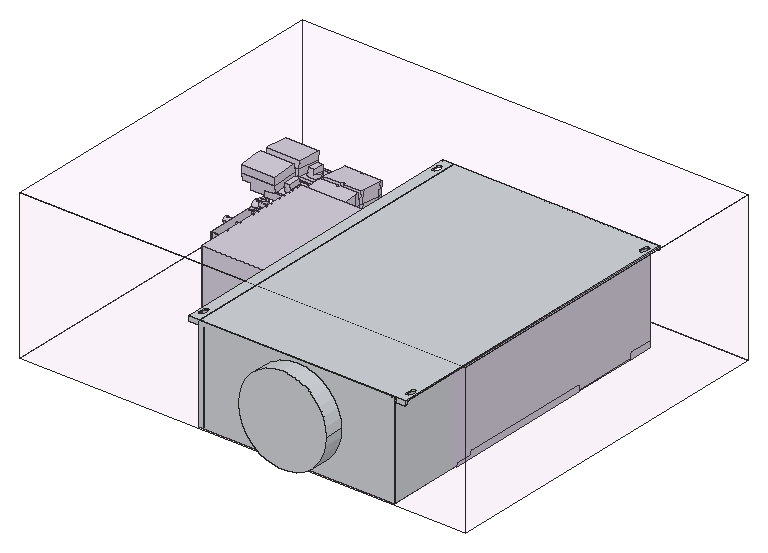
Revit family "04 - MAT270 - 250 DIS - Belimo ePIV Valves (With Bypass)", category Mechanical Equipment, host Ceiling, Revit 2018 (continued)
Automatic sketch dimensions
  Extrusion 26 sketch curve to Extrusion 26 sketch curve = 5.00 mm
  plane 7 "FCU Left Side" to Extrusion 27 sketch curve = 5.00 mm
  plane 7 "FCU Left Side" to Extrusion 28 sketch curve = 5.00 mm
  Extrusion 30 sketch curve to Extrusion 29 = 14.00 mm  (x4)
  Extrusion 30 sketch curve to Extrusion 29 = 35.00 mm  (x2)
  Extrusion 30 sketch curve to Extrusion 30 sketch curve = 40.00 mm  (x2)
  Extrusion 34 to Extrusion 35 sketch curve = 88.50 mm
  Extrusion 37 sketch curve to Extrusion 36 = 14.00 mm  (x4)
  Extrusion 37 sketch curve to Extrusion 36 = 35.00 mm  (x2)
  Extrusion 37 sketch curve to Extrusion 37 sketch curve = 40.00 mm  (x2)
  Extrusion 39 sketch curve to Extrusion 39 sketch curve = 0.00 mm  (x8)
  Extrusion 39 sketch curve to Extrusion 38 = 14.00 mm  (x8)
  Extrusion 40 sketch curve to Extrusion 40 sketch curve = 24.80 mm
  Extrusion 43 sketch curve to Extrusion 43 sketch curve = 0.00 mm  (x2)
  Extrusion 44 sketch curve to Extrusion 44 sketch curve = 0.00 mm  (x2)
  Extrusion 47 sketch curve to Extrusion 46 = 5.00 mm
  Extrusion 47 sketch curve to Extrusion 47 sketch curve = 5.00 mm
  Extrusion 48 sketch curve to Extrusion 48 sketch curve = 5.00 mm
  Extrusion 47 to Extrusion 48 sketch curve = 5.00 mm
  Extrusion 50 sketch curve to Extrusion 49 = 5.00 mm
  Extrusion 50 sketch curve to Extrusion 50 sketch curve = 5.00 mm
  Extrusion 51 sketch curve to Extrusion 51 sketch curve = 5.00 mm  (x2)
  radius of Extrusion 30 sketch curve = 7.50 mm  (x4)
  radius of Extrusion 32 sketch curve to Extrusion 30 = 0.00 mm  (x4)
  radius of Extrusion 32 sketch curve to Extrusion 30 = 1.00 mm  (x4)
  radius of Extrusion 37 sketch curve = 7.50 mm  (x4)
  radius of Extrusion 39 sketch curve = 7.50 mm  (x4)
  radius of Extrusion 39 sketch curve = 6.50 mm  (x4)
  radius of Extrusion 58 sketch curve = 7.95 mm  (x3)
  radius of Extrusion 58 sketch curve = 10.50 mm
  radius of Extrusion 59 sketch curve = 7.95 mm  (x3)
  radius of Extrusion 59 sketch curve = 10.50 mm
Nested families
  nested 1: "Circular Spigot" at (0, -450, 3715), visible <- "DS_1", type "250 Dia - Front Spigot"
  nested 2: "Circular Spigot" at (555, -450, 3715), visible <- "DS_2", type "250 Dia - Front Spigot"
  nested 3: "Circular Spigot" at (1110, -450, 3715), visible <- "DS_3", type "250 Dia - Front Spigot"
  nested 4: "Circular Spigot" at (1665, -450, 3715), visible <- "DS_4", type "250 Dia - Front Spigot"
  nested 5: "Circular Spigot" at (2220, -450, 3715), visible <- "DS_5", type "250 Dia - Front Spigot"
  nested 6: "Circular Spigot" at (279.2, -318, 3715) x (0, 1, 0) z (0, 0, 1), visible <- "DS_B", type "250 Dia - Side Spigot"
  nested 7: "Circular Spigot" at (-279.2, -318, 3715) x (0, -1, 0) z (0, 0, 1), visible <- "DS_A", type "250 Dia - Side Spigot"
  nested 8: "ePIV Valve Assembly (With Bypass)" at (388, 255.5, 3650) x (0, 1, 0) z (0, 0, 1), visible <- "RH Components Visible", type "ePIV Valve Assembly (With Bypass)"
  nested 9: "ePIV Valve Assembly (With Bypass)" at (-388, 321.5, 3650) x (0, -1, 0) z (0, 0, 1), visible <- "LH Components Visible", type "ePIV Valve Assembly (With Bypass)"
Connectors
  piping at (794, 288.5, 3600.2), diameter 15, driven by "Condensate Drain Connection Size"
    settings: on Extrusion 44, index 1, connector inside diameter 609.6 mm, connector length 0.00 mm, flow factor 0, pipe flow 0.0 L/s, pressure drop 0.0 Pa, fitting loss kfactor 0, connector angle 0.00°, fixture units 0, engagement length 0.00 mm, angle of deflection 0.00°, flow configuration 0, flow direction 2, fitting loss method 0, system type 16, joint type 0, gender type 0, connector reference index -1, connector utility 0, adjustable connector yes, is connector primary yes, connector description "Condensate Drain"
  piping at (-794, 288.5, 3600.2), diameter 15, driven by "Drain Connection Size"
    settings: on Extrusion 43, index 10, connector inside diameter 609.6 mm, connector length 0.00 mm, flow factor 0, pipe flow 0.0 L/s, pressure drop 0.0 Pa, fitting loss kfactor 0, connector angle 0.00°, fixture units 0, engagement length 0.00 mm, angle of deflection 0.00°, flow configuration 0, flow direction 2, fitting loss method 0, system type 16, joint type 0, gender type 0, connector reference index -1, connector utility 0, adjustable connector yes, is connector primary no, connector description "Condensate Drain"
  hvac at (0, 450, 3715.5), driven by "Intake Height", driven by "Intake Width"
    settings: on Extrusion 45, index 11, duct flow 0.0 L/s, flow factor 0, pres drop 0.0 Pa, loss coef 0, conn angle 0.00°, conn width 530 mm, conn height 240 mm, conn diameter 609.6 mm, duct sys type 2, conn prof type 1, flow config 0, flow direction 1, loss method 0, conn ref index -1, conn util no, is conn primary yes, conn desc ""
  hvac at (-359.2, -318, 3715)
    settings: on nested 7, index 12, duct flow 0.0 L/s, flow factor 0, pres drop 0.0 Pa, loss coef 0, conn angle 0.00°, conn width 304.8 mm, conn height 304.8 mm, conn diameter 250 mm, duct sys type 1, conn prof type 0, flow config 0, flow direction 2, loss method 0, conn ref index -1, conn util no, is conn primary no, conn desc "Discharge Spigot A"
  hvac at (359.2, -318, 3715)
    settings: on nested 6, index 13, duct flow 0.0 L/s, flow factor 0, pres drop 0.0 Pa, loss coef 0, conn angle 0.00°, conn width 304.8 mm, conn height 304.8 mm, conn diameter 250 mm, duct sys type 1, conn prof type 0, flow config 0, flow direction 2, loss method 0, conn ref index -1, conn util no, is conn primary no, conn desc "Discharge Spigot B"
  hvac at (0, -500, 3715)
    settings: on nested 1, index 14, duct flow 0.0 L/s, flow factor 0, pres drop 0.0 Pa, loss coef 0, conn angle 0.00°, conn width 304.8 mm, conn height 304.8 mm, conn diameter 250 mm, duct sys type 1, conn prof type 0, flow config 0, flow direction 2, loss method 0, conn ref index -1, conn util no, is conn primary no, conn desc "Discharge Spigot 1"
  hvac at (555, -500, 3715)
    settings: on nested 2, index 15, duct flow 0.0 L/s, flow factor 0, pres drop 0.0 Pa, loss coef 0, conn angle 0.00°, conn width 304.8 mm, conn height 304.8 mm, conn diameter 250 mm, duct sys type 1, conn prof type 0, flow config 0, flow direction 2, loss method 0, conn ref index -1, conn util no, is conn primary no, conn desc "Discharge Spigot 2"
  hvac at (1110, -500, 3715)
    settings: on nested 3, index 16, duct flow 0.0 L/s, flow factor 0, pres drop 0.0 Pa, loss coef 0, conn angle 0.00°, conn width 304.8 mm, conn height 304.8 mm, conn diameter 250 mm, duct sys type 1, conn prof type 0, flow config 0, flow direction 2, loss method 0, conn ref index -1, conn util no, is conn primary no, conn desc "Discharge Spigot 3"
  hvac at (1665, -500, 3715)
    settings: on nested 4, index 17, duct flow 0.0 L/s, flow factor 0, pres drop 0.0 Pa, loss coef 0, conn angle 0.00°, conn width 304.8 mm, conn height 304.8 mm, conn diameter 250 mm, duct sys type 1, conn prof type 0, flow config 0, flow direction 2, loss method 0, conn ref index -1, conn util no, is conn primary no, conn desc "Discharge Spigot 4"
  hvac at (2220, -500, 3715)
    settings: on nested 5, index 18, duct flow 0.0 L/s, flow factor 0, pres drop 0.0 Pa, loss coef 0, conn angle 0.00°, conn width 304.8 mm, conn height 304.8 mm, conn diameter 250 mm, duct sys type 1, conn prof type 0, flow config 0, flow direction 2, loss method 0, conn ref index -1, conn util no, is conn primary no, conn desc "Discharge Spigot 5"
  electrical at (314.2, -84, 3631.2)
    settings: on cut or joined group of Extrusion 46, Extrusion 59, index 19, voltage 230 V, apparent load 0 VA, apparent load phase1 0 VA, apparent load phase2 0 VA, apparent load phase3 0 VA, power factor 1, load classification "HVAC", number of poles 1, system type 31, power factor state 1, is connector primary yes, connector utility no, sub classification motor no, connector description "FCU Electrical Supply"
  electrical at (-314.2, 94, 3631.2)
    settings: on cut or joined group of Extrusion 49, Extrusion 58, index 20, voltage 230 V, apparent load 0 VA, apparent load phase1 0 VA, apparent load phase2 0 VA, apparent load phase3 0 VA, power factor 1, load classification "HVAC", number of poles 1, system type 31, power factor state 1, is connector primary no, connector utility no, sub classification motor no, connector description "FCU Electrical Supply"
  piping at (683, 321.5, 3690), diameter 27
    settings: on nested 8, index 21, connector inside diameter 609.6 mm, connector length 0.00 mm, flow factor 0, pipe flow 0.0 L/s, pressure drop 0.0 Pa, fitting loss kfactor 0, connector angle 0.00°, fixture units 0, engagement length 0.00 mm, angle of deflection 0.00°, flow configuration 0, flow direction 2, fitting loss method 4, system type 8, joint type 0, gender type 0, connector reference index -1, connector utility 0, adjustable connector no, is connector primary no, connector description "HTG Return"
  piping at (683, 321.5, 3650), diameter 27
    settings: on nested 8, index 22, connector inside diameter 609.6 mm, connector length 0.00 mm, flow factor 0, pipe flow 0.0 L/s, pressure drop 0.0 Pa, fitting loss kfactor 0, connector angle 0.00°, fixture units 0, engagement length 0.00 mm, angle of deflection 0.00°, flow configuration 0, flow direction 1, fitting loss method 4, system type 7, joint type 0, gender type 0, connector reference index -1, connector utility 0, adjustable connector no, is connector primary no, connector description "HTG Flow"
  piping at (683, 255.5, 3690), diameter 27
    settings: on nested 8, index 23, connector inside diameter 609.6 mm, connector length 0.00 mm, flow factor 0, pipe flow 0.0 L/s, pressure drop 0.0 Pa, fitting loss kfactor 0, connector angle 0.00°, fixture units 0, engagement length 0.00 mm, angle of deflection 0.00°, flow configuration 0, flow direction 2, fitting loss method 4, system type 8, joint type 0, gender type 0, connector reference index -1, connector utility 0, adjustable connector no, is connector primary no, connector description "CLG Return"
  piping at (683, 255.5, 3650), diameter 27
    settings: on nested 8, index 24, connector inside diameter 609.6 mm, connector length 0.00 mm, flow factor 0, pipe flow 0.0 L/s, pressure drop 0.0 Pa, fitting loss kfactor 0, connector angle 0.00°, fixture units 0, engagement length 0.00 mm, angle of deflection 0.00°, flow configuration 0, flow direction 1, fitting loss method 4, system type 7, joint type 0, gender type 0, connector reference index -1, connector utility 0, adjustable connector no, is connector primary no, connector description "CLG Flow"
  piping at (-683, 321.5, 3690), diameter 27
    settings: on nested 9, index 25, connector inside diameter 609.6 mm, connector length 0.00 mm, flow factor 0, pipe flow 0.0 L/s, pressure drop 0.0 Pa, fitting loss kfactor 0, connector angle 0.00°, fixture units 0, engagement length 0.00 mm, angle of deflection 0.00°, flow configuration 0, flow direction 2, fitting loss method 4, system type 8, joint type 0, gender type 0, connector reference index -1, connector utility 0, adjustable connector no, is connector primary no, connector description "CLG Return"
  piping at (-683, 321.5, 3650), diameter 27
    settings: on nested 9, index 26, connector inside diameter 609.6 mm, connector length 0.00 mm, flow factor 0, pipe flow 0.0 L/s, pressure drop 0.0 Pa, fitting loss kfactor 0, connector angle 0.00°, fixture units 0, engagement length 0.00 mm, angle of deflection 0.00°, flow configuration 0, flow direction 1, fitting loss method 4, system type 7, joint type 0, gender type 0, connector reference index -1, connector utility 0, adjustable connector no, is connector primary no, connector description "CLG Flow"
  piping at (-683, 255.5, 3690), diameter 27
    settings: on nested 9, index 27, connector inside diameter 609.6 mm, connector length 0.00 mm, flow factor 0, pipe flow 0.0 L/s, pressure drop 0.0 Pa, fitting loss kfactor 0, connector angle 0.00°, fixture units 0, engagement length 0.00 mm, angle of deflection 0.00°, flow configuration 0, flow direction 2, fitting loss method 4, system type 8, joint type 0, gender type 0, connector reference index -1, connector utility 0, adjustable connector no, is connector primary no, connector description "HTG Return"
  piping at (-683, 255.5, 3650), diameter 27
    settings: on nested 9, index 28, connector inside diameter 609.6 mm, connector length 0.00 mm, flow factor 0, pipe flow 0.0 L/s, pressure drop 0.0 Pa, fitting loss kfactor 0, connector angle 0.00°, fixture units 0, engagement length 0.00 mm, angle of deflection 0.00°, flow configuration 0, flow direction 1, fitting loss method 4, system type 7, joint type 0, gender type 0, connector reference index -1, connector utility 0, adjustable connector no, is connector primary no, connector description "HTG Flow"
Definition of nested family "Circular Spigot"
  Parameters (values of type "250 Dia - Front Spigot")
    Spigot Size = 250.00 mm
    Spigot Depth = 50.00 mm
  Types (2, lengths in mm): name | Spigot Depth
    250 Dia - Side Spigot | 80.00
    250 Dia - Front Spigot | 50.00
  Reference planes
    plane 1 "Center (Front/Back)": y = 0
    plane 2: z = 0
    plane 3 "Center (Left/Right)": x = 0
  Forms (mm)
    Extrusion 1, solid
      sketch origin (0, 0, 0) x (1, 0, 0) y (0, 0, 1)
        loop
          circle (0, 0) r 125
      from 0 to 50 <- "Spigot Depth"
  Dimensions and locks
    "Spigot Size": diameter of Extrusion 1 sketch curve
    aligned and locked: level to plane 2
  Automatic sketch dimensions
    Extrusion 1 sketch curve to level = 0.00 mm
    Extrusion 1 sketch curve to plane 3 "Center (Left/Right)" = 0.00 mm
Definition of nested family "ePIV Valve Assembly (With Bypass)"
  Reference planes
    plane 1 "Center (Front/Back)": y = 0
    plane 2: z = 0
    plane 3 "Center (Left/Right)": x = 0
    plane 4: x = 66
    plane 5: z = 40
    plane 6: y = -295
  Forms (mm)
    Extrusion 1, solid
      sketch origin (0, 0, 0) x (1, 0, 0) y (0, 0, 1)
        loop
          circle (0, 0) r 7.5
        loop
          circle (66, 0) r 7.5
        loop
          circle (0, 40) r 7.5
        loop
          circle (66, 40) r 7.5
      from 0 to 240
    Extrusion 2, solid
      sketch origin (0, 0, 0) x (-1, 0, 0) y (0, 0, 1)
        loop
          circle (0, 40) r 7.5
        loop
          circle (0, 0) r 7.5
        loop
          circle (-66, 0) r 7.5
        loop
          circle (-66, 40) r 7.5
        loop
          circle (-66, 40) r 8.5
        loop
          circle (0, 40) r 8.5
        loop
          circle (0, 0) r 8.5
        loop
          circle (-66, 0) r 8.5
      from 0 to 15
    Extrusion 3, solid
      sketch origin (0, -240, 0) x (1, 0, 0) y (0, 0, 1)
        loop
          line (8.256, 14.3) -> (-8.256, 14.3) -> (-16.512, 0) -> (-8.256, -14.3) -> (8.256, -14.3) -> (16.512, 0) -> (8.256, 14.3)
        loop
          line (80.3, 8.256) -> (66, 16.512) -> (51.7, 8.256) -> (51.7, -8.256) -> (66, -16.512) -> (80.3, -8.256) -> (80.3, 8.256)
        loop
          line (74.256, 54.3) -> (57.744, 54.3) -> (49.488, 40) -> (57.744, 25.7) -> (74.256, 25.7) -> (82.512, 40) -> (74.256, 54.3)
        loop
          line (14.3, 48.256) -> (0, 56.512) -> (-14.3, 48.256) -> (-14.3, 31.744) -> (0, 23.488) -> (14.3, 31.744) -> (14.3, 48.256)
      from 0 to -20
    Extrusion 4, void
      sketch origin (0, -240, 0) x (-1, 0, 0) y (0, 0, 1)
        loop
          circle (0, 0) r 9.25
        loop
          circle (0, 40) r 9.25
        loop
          circle (-66, 40) r 9.25
        loop
          circle (-66, 0) r 9.25
      from 0 to 15
  Cuts and joins
    Extrusion 4 cuts Extrusion 1
    Extrusion 4 cuts Extrusion 2
    Extrusion 4 cuts Extrusion 3
    joined: Extrusion 1, Extrusion 2, Extrusion 3
  Dimensions and locks
    locked: level to Extrusion 1 sketch curve at 40
    Extrusion 1 sketch curve to plane 3 "Center (Left/Right)" = 66.00 mm  (x2)
    level to Extrusion 1 sketch curve = 40.00 mm
    locked: plane 5 to level at 40
    locked: plane 4 to plane 3 "Center (Left/Right)" at 66
    locked: plane 1 "Center (Front/Back)" to plane 6 at 295
    aligned and locked: level to plane 2
    aligned and locked: Extrusion 2 sketch curve to Extrusion 1  (x8)
    aligned and locked: nested 1 to cut or joined group of Extrusion 1, Extrusion 2, Extrusion 3, Extrusion 4
    aligned and locked: nested 2 to cut or joined group of Extrusion 1, Extrusion 2, Extrusion 3, Extrusion 4
    aligned and locked: plane 6 to nested 3
    aligned and locked: plane 3 "Center (Left/Right)" to nested 3
    aligned and locked: nested 3 to plane 5
  Nested families
    nested 1: "ePIV Valve" at (0, -205, 40) x (0, -1, 0) z (-0.0872, 0, 0.9962), type "ePIV Valve"
    nested 2: "ePIV Valve" at (66, -205, 40) x (0, -1, 0) z (0.0872, 0, 0.9962), type "ePIV Valve"
    nested 3: "FlowCon Bypass" at (66, -270, 0), type "FlowCon Bypass"
  Definition of nested family "ePIV Valve"
    Reference planes
      plane 1 "Center (Front/Back)": y = 0
      plane 2: z = 0
      plane 3 "Center (Left/Right)": x = 0
      plane 4 "Flow_Meter_Base": z = 23.5
      plane 5: x = -152.5
      plane 6: x = -100
      plane 7: x = -18
    Forms (mm)
      Revolve 1, solid
        sketch origin (0, 0, 0) x (1, 0, 0) y (0, 0, 1)
          loop
            line (0, 0) -> (0, 16.5) -> (-10, 16.5) -> (-10, 15) -> (-30, 15) -> (-30, 12.25) -> (-35, 12.25) -> (-35, 10.25) -> (-73, 10.25) -> (-73, 11.25) -> (-110, 11.25) -> (-110, 8.25) -> (-140, 8.25) -> (-140, 11.25) -> (-155, 11.25) -> (-155, 0) -> (0, 0)
          axis (0, 0) -> (-155, 0)
        angle from 0 to 360
      Extrusion 2, solid
        sketch origin (0, 0, 0) x (0, 1, 0) y (0, 0, 1)
          loop
            circle (0, 0) r 16.5
        from 0 to 3
      Extrusion 3, solid
        sketch origin (3, 0, 0) x (0, 1, 0) y (0, 0, 1)
          loop
            line (3.706, 13.83) -> (-10.125, 10.125) -> (-13.83, -3.706) -> (-3.706, -13.83) -> (10.125, -10.125) -> (13.83, 3.706) -> (3.706, 13.83)
        from 0 to 12
      Extrusion 4, solid
        sketch origin (-35, 0, 0) x (0, 0, 1) y (0, 1, 0)
          loop
            line (7.217, -12.5) -> (14.434, 0) -> (7.217, 12.5) -> (-7.217, 12.5) -> (-14.434, 0) -> (-7.217, -12.5) -> (7.217, -12.5)
        from 0 to 17
      Extrusion 5, solid
        sketch origin (-73, 0, 0) x (0, 1, 0) y (0, 0, 1)
          loop
            line (3.008, 17.057) -> (-13.268, 11.133) -> (-16.276, -5.924) -> (-3.008, -17.057) -> (13.268, -11.133) -> (16.276, 5.924) -> (3.008, 17.057)
        from 0 to 13
      Extrusion 6, solid
        sketch origin (-155, 0, 0) x (0, 0, 1) y (0, 1, 0)
          loop
            line (7.159, -12.4) -> (14.318, 0) -> (7.159, 12.4) -> (-7.159, 12.4) -> (-14.318, 0) -> (-7.159, -12.4) -> (7.159, -12.4)
        from 0 to 20
      Revolve 7, solid
        sketch origin (0, 0, 0) x (1, 0, 0) y (0, 0, 1)
          loop
            line (-18, 0) -> (-6, 0) -> (-6, 30) -> (-2.995, 33.005) -> (-2.995, 40.005) -> (3, 40.005) -> (3, 45.005) -> (-18, 45.005) -> (-18, 0)
          axis (-18, 0) -> (-18, 45.005)
        angle from 0 to 360
      Revolve 8, solid
        sketch origin (0, 0, 0) x (1, 0, 0) y (0, 0, 1)
          loop
            line (-100, -17) -> (-93, -17) -> (-93, 0) -> (-89.5, 0) -> (-89.5, 13) -> (-86, 16.5) -> (-86, 75) -> (-100, 75) -> (-100, -17)
          axis (-100, -17) -> (-100, 75)
        angle from 0 to 360
      Revolve 9, solid
        sketch origin (0, 0, 0) x (1, 0, 0) y (0, 0, 1)
          loop
            line (-152.5, -17) -> (-145.5, -17) -> (-145.5, 0) -> (-142, 0) -> (-142, 13.036) -> (-138.5, 16.536) -> (-138.5, 75) -> (-152.5, 75) -> (-152.5, -17)
          axis (-152.5, -17) -> (-152.5, 75)
        angle from 0 to 360
      Extrusion 10, solid
        sketch origin (-152.5, 0, 75) x (1, 0, 0) y (0, 1, 0)
          loop
            line (0, 5) -> (0, -5) -> (18.65, -5)
            arc (18.65, -5) -> (23.65, 0) -> (18.65, 5) r 5
            line (18.65, 5) -> (0, 5)
        from 0 to -75
      Extrusion 11, solid
        sketch origin (0, 0, 0) x (1, 0, 0) y (0, 1, 0)
          loop
            line (-152.5, 2) -> (-152.5, -2) -> (-99.993, -2) -> (-99.993, 2) -> (-152.5, 2)
        from -15 to 20
      Extrusion 12, void
        sketch origin (-175, 0, 0) x (0, 0, -1) y (0, 1, 0)
          loop
            circle (0, 0) r 9.25
        from 0 to 20
      Extrusion 13, void
        sketch origin (15, 0, 0) x (0, -1, 0) y (0, 0, 1)
          loop
            circle (0, 0) r 9.25
        from 0 to 20
      Extrusion 14, solid
        sketch origin (0, 0, 23.5) x (1, 0, 0) y (0, 1, 0)
          loop
            arc (-139.423, 5) -> (-155.042, 13.767) -> (-166.5, 0) r 14
            arc (-166.5, 0) -> (-155.042, -13.767) -> (-139.423, -5) r 14
            line (-139.423, -5) -> (-133.85, -5)
            arc (-133.85, -5) -> (-128.85, 0) -> (-133.85, 5) r 5
            line (-133.85, 5) -> (-139.423, 5)
          loop
            circle (-100, 0) r 14
          loop
            arc (-138.113, 7) -> (-156.092, 15.592) -> (-168.5, 0) r 16
            arc (-168.5, 0) -> (-156.092, -15.592) -> (-138.113, -7) r 16
            line (-138.113, -7) -> (-133.85, -7)
            arc (-133.85, -7) -> (-126.85, 0) -> (-133.85, 7) r 7
            line (-133.85, 7) -> (-138.113, 7)
          loop
            circle (-100, 0) r 16
        from 0 to 20
      Extrusion 15, solid
        sketch origin (0, 0, 43.5) x (1, 0, 0) y (0, 1, 0)
          loop
            line (-172, 23.5) -> (-172, -23.5) -> (-80, -23.5) -> (-80, 23.5) -> (-172, 23.5)
        from 0 to 18.5
      Extrusion 16, solid
        sketch origin (0, 0, 62) x (1, 0, 0) y (0, 1, 0)
          loop
            line (-179.5, 37.5) -> (-179.5, -37.5) -> (-72.5, -37.5) -> (-72.5, 37.5) -> (-179.5, 37.5)
        from 0 to 13
      Extrusion 17, void
        sketch origin (0, 0, 75) x (0, 1, 0) y (1, 0, 0)
          loop
            circle (37.5, -126) r 5
          loop
            circle (-37.5, -126) r 5
          loop
            line (-37.5, -179.5) -> (-27.5, -179.5) -> (-37.5, -177.5) -> (-37.5, -179.5)
          loop
            line (37.5, -179.5) -> (37.5, -177.5) -> (27.5, -179.5) -> (37.5, -179.5)
          loop
            line (37.5, -72.5) -> (27.5, -72.5) -> (37.5, -74.5) -> (37.5, -72.5)
          loop
            line (-37.5, -72.5) -> (-37.5, -74.5) -> (-27.5, -72.5) -> (-37.5, -72.5)
        from 0 to 13
      Extrusion 18, solid
        sketch origin (0, 0, 75) x (1, 0, 0) y (0, 1, 0)
          loop
            line (-177.5, -37.5) -> (-131, -37.5)
            arc (-131, -37.5) -> (-126, -32.5) -> (-121, -37.5) r 5
            line (-121, -37.5) -> (-74.5, -37.5) -> (-72.5, -27.5) -> (-72.5, 27.5) -> (-74.5, 37.5) -> (-121, 37.5)
            arc (-121, 37.5) -> (-126, 32.5) -> (-131, 37.5) r 5
            line (-131, 37.5) -> (-177.5, 37.5) -> (-179.5, 27.5) -> (-179.5, -27.5) -> (-177.5, -37.5)
        from 0 to 35
      Extrusion 19, solid
        sketch origin (0, 0, 0) x (1, 0, 0) y (0, 0, 1)
          loop
            line (-39, 45.005) -> (3, 45.005) -> (3, 49.005) -> (26, 59.005) -> (26, 64.005) -> (-39, 64.005) -> (-39, 45.005)
        from -21 to 21
      Extrusion 20, solid
        sketch origin (0, 0, 0) x (1, 0, 0) y (0, 0, 1)
          loop
            line (-45, 64.005) -> (30, 64.005) -> (30, 78.634) -> (0, 81.259) -> (0, 86.005) -> (-45, 86.005) -> (-45, 64.005)
        from -36 to 36
      Extrusion 21, void
        sketch origin (-45, 0, 86.005) x (0, 1, 0) y (1, 0, 0)
          loop
            line (34, 75) -> (-34, 75) -> (-34, 3.64) -> (-25.802, 2) -> (25.802, 2) -> (34, 3.64) -> (34, 75)
        from 0 to 19.005
      Extrusion 22, void
        sketch origin (-45, 0, 86.005) x (0, 1, 0) y (1, 0, 0)
          loop
            line (36, 0) -> (36, 2) -> (26, 0) -> (36, 0)
          loop
            line (-36, 0) -> (-26, 0) -> (-36, 2) -> (-36, 0)
        from 0 to 22
      Extrusion 23, solid
        sketch origin (0, 0, 0) x (1, 0, 0) y (0, 0, 1)
          loop
            line (-43, 67) -> (72.7, 67) -> (72.7, 83) -> (94.7, 83) -> (94.7, 103) -> (-1, 103) -> (-1, 83) -> (-43, 83) -> (-43, 67)
        from -34 to 34
      Extrusion 24, solid
        sketch origin (-43, 0, 83) x (1, 0, 0) y (0, 1, 0)
          loop
            circle (22, 0) r 17.5
        from 0 to 22
      Extrusion 25, void
        sketch origin (-43, 0, 105) x (0, 1, 0) y (1, 0, 0)
          loop
            line (15.615, 14.1) -> (-15.615, 14.1)
            arc (-15.615, 14.1) -> (-9.165, 7.092) -> (0, 4.5) r 17.5
            arc (0, 4.5) -> (9.165, 7.092) -> (15.615, 14.1) r 17.5
          loop
            arc (15.615, 29.9) -> (0, 39.5) -> (-15.615, 29.9) r 17.5
            line (-15.615, 29.9) -> (15.615, 29.9)
        from 0 to 13.6
      Extrusion 26, void
        sketch origin (72.7, 0, 67) x (1, 0, 0) y (0, 1, 0)
          loop
            line (0, 34) -> (-2, 34) -> (0, 24) -> (0, 34)
          loop
            line (0, -34) -> (0, -24) -> (-2, -34) -> (0, -34)
        from 0 to 16
      Extrusion 27, void
        sketch origin (-1, 0, 103) x (0, 1, 0) y (1, 0, 0)
          loop
            line (34, 95.7) -> (24, 95.7) -> (34, 93.7) -> (34, 95.7)
          loop
            line (-34, 95.7) -> (-34, 93.7) -> (-24, 95.7) -> (-34, 95.7)
        from 0 to 20
      Extrusion 28, solid
        sketch origin (-1, 0, 103) x (1, 0, 0) y (0, 1, 0)
          loop
            line (93.7, 34) -> (0, 34) -> (0, -34) -> (93.7, -34) -> (95.7, -24) -> (95.7, 24) -> (93.7, 34)
        from 0 to 20
    Cuts and joins
      Extrusion 12, Extrusion 13, Extrusion 21 cuts Extrusion 2
      Extrusion 12, Extrusion 13, Extrusion 21 cuts Extrusion 3
      joined: Extrusion 2, Extrusion 3
      Extrusion 12, Extrusion 13, Extrusion 21, Extrusion 25 cuts Revolve 1
      Extrusion 12, Extrusion 13, Extrusion 21, Extrusion 25 cuts Extrusion 4
      Extrusion 12, Extrusion 13, Extrusion 21, Extrusion 25 cuts Extrusion 5
      Extrusion 12, Extrusion 13, Extrusion 21, Extrusion 25 cuts Extrusion 6
      Extrusion 12, Extrusion 13, Extrusion 21, Extrusion 25 cuts Revolve 7
      Extrusion 12, Extrusion 13, Extrusion 21, Extrusion 25 cuts Revolve 8
      Extrusion 12, Extrusion 13, Extrusion 21, Extrusion 25 cuts Revolve 9
      Extrusion 12, Extrusion 13, Extrusion 21, Extrusion 25 cuts Extrusion 10
      Extrusion 12, Extrusion 13, Extrusion 21, Extrusion 25 cuts Extrusion 11
      joined: Revolve 1, Extrusion 4, Extrusion 5, Extrusion 6, Revolve 7, Revolve 8, Revolve 9, Extrusion 10, Extrusion 11
      Extrusion 17 cuts Extrusion 14
      Extrusion 17 cuts Extrusion 15
      Extrusion 17 cuts Extrusion 16
      joined: Extrusion 14, Extrusion 15, Extrusion 16
      Extrusion 21, Extrusion 22, Extrusion 25 cuts Extrusion 19
      Extrusion 21, Extrusion 22, Extrusion 25 cuts Extrusion 20
      joined: Extrusion 19, Extrusion 20
      Extrusion 25, Extrusion 26, Extrusion 27 cuts Extrusion 23
      Extrusion 25 cuts Extrusion 24
    Dimensions and locks
      cut or joined group of Extrusion 2, Extrusion 3, Extrusion 12, Extrusion 13, Extrusion 21 to Revolve 7 sketch curve = 33.00 mm
      equal spacing: Extrusion 15 sketch curve, plane 1 "Center (Front/Back)", Extrusion 15 sketch curve
      Extrusion 15 sketch curve to plane 1 "Center (Front/Back)" = 23.50 mm
      locked: Extrusion 15 sketch curve to Extrusion 15 sketch curve at 92
      Extrusion 15 sketch curve to plane 5 = 19.50 mm
      plane 6 to Extrusion 15 sketch curve = 20.00 mm
      Extrusion 16 sketch curve to cut or joined group of Extrusion 14, Extrusion 15, Extrusion 16, Extrusion 17 = 14.00 mm  (x2)
      Extrusion 16 sketch curve to cut or joined group of Extrusion 14, Extrusion 15, Extrusion 16, Extrusion 17 = 7.50 mm
      cut or joined group of Extrusion 14, Extrusion 15, Extrusion 16, Extrusion 17 to Extrusion 16 sketch curve = 7.50 mm
      locked: plane 3 "Center (Left/Right)" to plane 7 at 18
      cut or joined group of Extrusion 19, Extrusion 20, Extrusion 21, Extrusion 22, Extrusion 25 to Extrusion 24 sketch curve = 22.00 mm
      aligned and locked: level to plane 2
      aligned and locked: level to Revolve 1 sketch curve
      aligned and locked: Extrusion 2 sketch curve to Revolve 1  (x2)
      aligned and locked: cut or joined group 1 (Revolve 1, Extrusion 4, Extrusion 5, Extrusion 6, Revolve 7, Revolve 8, Revolve 9, Extrusion 10, Extrusion 11, Extrusion 12, Extrusion 13, Extrusion 21, Extrusion 25) to Extrusion 10
      aligned and locked: Extrusion 10 to level
      aligned and locked: Extrusion 14 sketch curve to cut or joined group 1  (x6)
      aligned and locked: cut or joined group 1 to Extrusion 14 sketch curve
      aligned and locked: Extrusion 16 to Extrusion 17
      aligned and locked: Extrusion 17 to Extrusion 15
      aligned and locked: Extrusion 18 sketch curve to cut or joined group of Extrusion 14, Extrusion 15, Extrusion 16, Extrusion 17  (x9)
      aligned and locked: cut or joined group of Extrusion 14, Extrusion 15, Extrusion 16, Extrusion 17 to Extrusion 18 sketch curve
      aligned and locked: Extrusion 20 sketch curve to plane 3 "Center (Left/Right)"
      aligned and locked: cut or joined group of Extrusion 19, Extrusion 20, Extrusion 21, Extrusion 22, Extrusion 25 to Extrusion 21 sketch curve
      aligned and locked: Extrusion 23 to cut or joined group of Extrusion 19, Extrusion 20, Extrusion 21, Extrusion 22, Extrusion 25  (x2)
      aligned and locked: Extrusion 25 sketch curve to Extrusion 24  (x2)
      aligned and locked: Extrusion 26 to Extrusion 23
      aligned and locked: Extrusion 27 to Extrusion 23
      aligned and locked: Extrusion 28 sketch curve to cut or joined group of Extrusion 23, Extrusion 25, Extrusion 26, Extrusion 27  (x5)
      aligned and locked: cut or joined group of Extrusion 23, Extrusion 25, Extrusion 26, Extrusion 27 to Extrusion 28 sketch curve
      aligned and locked: cut or joined group of Extrusion 23, Extrusion 25, Extrusion 26, Extrusion 27 to Extrusion 21
  Definition of nested family "FlowCon Bypass"
    Reference planes
      plane 1 "Center (Front/Back)": y = 0
      plane 2: z = 0
      plane 3 "Center (Left/Right)": x = 0
      plane 4: z = 40
      plane 5: y = -25
      plane 6: y = 35
      plane 7 "Centre": z = 20
      plane 8: x = -33
      plane 9: x = -33
      plane 10: x = -33
      plane 11: x = -66
      plane 12: x = -66
    Forms (mm)
      Revolve 1, solid
        sketch origin (0, 0, 0) x (0, 1, 0) y (0, 0, 1)
          loop
            line (-25, 40) -> (35, 40) -> (35, 53.5) -> (19, 53.5) -> (19, 56.5) -> (15, 56.5) -> (15, 53.5) -> (-25, 53.5) -> (-25, 40)
          axis (-25, 40) -> (35, 40)
        angle from 0 to 360
      Revolve 2, solid
        sketch origin (0, 0, 0) x (0, 1, 0) y (0, 0, 1)
          loop
            line (-25, 0) -> (35, 0) -> (35, 13.5) -> (19, 13.5) -> (19, 16.5) -> (15, 16.5) -> (15, 13.5) -> (-25, 13.5) -> (-25, 0)
          axis (-25, 0) -> (35, 0)
        angle from 0 to 360
      Revolve 3, solid
        sketch origin (0, 0, 0) x (0, 1, 0) y (0, 0, 1)
          loop
            line (0, 62) -> (0, -22) -> (11.5, -22) -> (11.5, 62) -> (0, 62)
          axis (0, 62) -> (0, -22)
        angle from 0 to 360
      Extrusion 4, solid
        sketch origin (0, 0, 0) x (0, 1, 0) y (0, 0, 1)
          loop
            circle (0, 40) r 8
          loop
            circle (0, 0) r 8
        from 0 to 14
      Extrusion 5, void
        sketch origin (0, 0, 20) x (0, -1, 0) y (1, 0, 0)
          loop
            circle (0, 0) r 11.5
          loop
            circle (0, 0) r 9.5
        from -6 to 6
      Extrusion 6, solid
        sketch origin (14, 0, 0) x (0, 1, 0) y (0, 0, 1)
          loop
            circle (0, 40) r 7.5
          loop
            circle (0, 0) r 7.5
        from 0 to 5
      Extrusion 7, solid
        sketch origin (19, 0, 0) x (0, 1, 0) y (0, 0, 1)
          loop
            circle (0, 40) r 7
          loop
            circle (0, 0) r 7
        from 0 to 5
      Extrusion 8, solid
        sketch origin (19, 0, 0) x (0, 1, 0) y (0, 0, 1)
          loop
            line (-11, 41) -> (-11, 39) -> (0, 39) -> (0, 41) -> (-11, 41)
          loop
            line (0, 0) -> (0, 1) -> (-11, 1) -> (-11, -1) -> (0, -1) -> (0, 0)
        from 0 to -19
      Extrusion 9, solid
        sketch origin (0, 0, 20) x (0, -1, 0) y (1, 0, 0)
          loop
            line (-0.5, 0) -> (-0.5, -10.5) -> (0.5, -10.5) -> (0.5, 10.5) -> (-0.5, 10.5) -> (-0.5, 0)
        from -20 to 20
      Extrusion 10, solid
        sketch origin (24, 0, 0) x (0, 1, 0) y (0, 0, 1)
          loop
            line (-14.5, 37) -> (-10, 30.85) -> (5.5, 30.85) -> (5.5, 27.85) -> (14.5, 27.85) -> (14.5, 36.85) -> (8.5, 36.85) -> (8.5, 40) -> (10.5, 40) -> (10.5, 47.3) -> (1.5, 47.3) -> (1.5, 49.3) -> (-1.5, 49.3) -> (-1.5, 47.3) -> (-5.5, 47.3) -> (-5.5, 50) -> (-14.5, 50) -> (-14.5, 37)
        from 0 to 2
      Extrusion 11, solid
        sketch origin (26, 0, 0) x (0, 1, 0) y (0, 0, 1)
          loop
            line (-14.5, 50) -> (-14.5, 47.3) -> (-5.5, 47.3) -> (-5.5, 50) -> (-14.5, 50)
          loop
            line (5.5, 30.85) -> (5.5, 27.85) -> (14.5, 27.85) -> (14.5, 30.85) -> (5.5, 30.85)
        from 0 to 10
      Extrusion 12, void
        sketch origin (26, -14.5, 50) x (-1, 0, 0) y (0, 1, 0)
          loop
            line (-10, 0) -> (-8.5, 0) -> (-10, 1.5) -> (-10, 0)
          loop
            line (-10, 9) -> (-10, 7.5) -> (-8.5, 9) -> (-10, 9)
          loop
            line (-10, 20) -> (-8.5, 20) -> (-10, 21.5) -> (-10, 20)
          loop
            line (-10, 29) -> (-10, 27.5) -> (-8.5, 29) -> (-10, 29)
        from 0 to 22.15
      Extrusion 13, solid
        sketch origin (26, 0, 0) x (0, 1, 0) y (0, 0, 1)
          loop
            line (-1.5, 49.3) -> (-1.5, 47.3) -> (1.5, 47.3) -> (1.5, 49.3) -> (-1.5, 49.3)
          loop
            line (10.5, 47.3) -> (8.5, 47.3) -> (8.5, 40) -> (10.5, 40) -> (10.5, 47.3)
        from 0 to -10
      Extrusion 14, void
        sketch origin (26, 10.5, 46.159) x (0, 0, -1) y (1, 0, 0)
          loop
            line (-1.141, -10) -> (0.359, -10) -> (-1.141, -8.5) -> (-1.141, -10)
          loop
            line (6.159, -10) -> (6.159, -8.5) -> (4.659, -10) -> (6.159, -10)
        from 0 to 2
      Extrusion 15, solid
        sketch origin (24, 0, -40) x (0, 1, 0) y (0, 0, 1)
          loop
            line (-14.5, 37) -> (-10, 30.85) -> (5.5, 30.85) -> (5.5, 27.85) -> (14.5, 27.85) -> (14.5, 36.85) -> (8.5, 36.85) -> (8.5, 40) -> (10.5, 40) -> (10.5, 47.3) -> (1.5, 47.3) -> (1.5, 49.3) -> (-1.5, 49.3) -> (-1.5, 47.3) -> (-5.5, 47.3) -> (-5.5, 50) -> (-14.5, 50) -> (-14.5, 37)
        from 0 to 2
      Extrusion 16, solid
        sketch origin (26, 0, -40) x (0, 1, 0) y (0, 0, 1)
          loop
            line (-14.5, 50) -> (-14.5, 47.3) -> (-5.5, 47.3) -> (-5.5, 50) -> (-14.5, 50)
          loop
            line (5.5, 30.85) -> (5.5, 27.85) -> (14.5, 27.85) -> (14.5, 30.85) -> (5.5, 30.85)
        from 0 to 10
      Extrusion 17, solid
        sketch origin (26, 0, -40) x (0, 1, 0) y (0, 0, 1)
          loop
            line (-1.5, 49.3) -> (-1.5, 47.3) -> (1.5, 47.3) -> (1.5, 49.3) -> (-1.5, 49.3)
          loop
            line (10.5, 47.3) -> (8.5, 47.3) -> (8.5, 40) -> (10.5, 40) -> (10.5, 47.3)
        from 0 to -10
      Extrusion 18, void
        sketch origin (26, -14.5, 10) x (-1, 0, 0) y (0, 1, 0)
          loop
            line (-10, 27.5) -> (-8.5, 29) -> (-10, 29) -> (-10, 27.5)
          loop
            line (-8.5, 20) -> (-10, 21.5) -> (-10, 20) -> (-8.5, 20)
          loop
            line (-10, 7.5) -> (-8.5, 9) -> (-10, 9) -> (-10, 7.5)
          loop
            line (-8.5, 0) -> (-10, 1.5) -> (-10, 0) -> (-8.5, 0)
        from 0 to 22.15
      Extrusion 19, void
        sketch origin (26, 10.5, 6.159) x (0, 0, -1) y (1, 0, 0)
          loop
            line (-1.141, -10) -> (0.359, -10) -> (-1.141, -8.5) -> (-1.141, -10)
          loop
            line (6.159, -10) -> (6.159, -8.5) -> (4.659, -10) -> (6.159, -10)
        from 0 to 2
      Extrusion 20, solid
        sketch origin (26, 0, 0) x (0, 1, 0) y (0, 0, 1)
          loop
            line (5, 2.887) -> (0, 5.774) -> (-5, 2.887) -> (-5, -2.887) -> (0, -5.774) -> (5, -2.887) -> (5, 2.887)
          loop
            line (5, 42.887) -> (0, 45.774) -> (-5, 42.887) -> (-5, 37.113) -> (0, 34.226) -> (5, 37.113) -> (5, 42.887)
        from 0 to 3
      Extrusion 21, solid
        sketch origin (0, 19, 40) x (-1, 0, 0) y (0, 0, 1)
          loop
            line (-7.794, -26.5) -> (-15.588, -40) -> (-7.794, -53.5) -> (7.794, -53.5) -> (15.588, -40) -> (7.794, -26.5) -> (-7.794, -26.5)
          loop
            line (7.794, 13.5) -> (-7.794, 13.5) -> (-15.588, 0) -> (-7.794, -13.5) -> (7.794, -13.5) -> (15.588, 0) -> (7.794, 13.5)
        from 0 to 8.5
      Extrusion 22, void
        sketch origin (0, 0, 62) x (-1, 0, 0) y (0, 1, 0)
          loop
            line (-6.35, -3.666) -> (0, -7.332) -> (6.35, -3.666) -> (6.35, 3.666) -> (0, 7.332) -> (-6.35, 3.666) -> (-6.35, -3.666)
        from 0 to 3
      Extrusion 23, void
        sketch origin (0, 0, -22) x (1, 0, 0) y (0, 1, 0)
          loop
            line (6.35, 3.666) -> (0, 7.332) -> (-6.35, 3.666) -> (-6.35, -3.666) -> (0, -7.332) -> (6.35, -3.666) -> (6.35, 3.666)
        from 0 to 3
      Extrusion 24, void
        sketch origin (0, 35, 0) x (1, 0, 0) y (0, 0, 1)
          loop
            circle (0, 40) r 9.25
          loop
            circle (0, 0) r 9.25
        from 0 to 60
      Revolve 25, solid
        sketch origin (-66, 0, 0) x (0, 1, 0) y (0, 0, -1)
          loop
            line (-25, -40) -> (-25, -53.5) -> (15, -53.5) -> (15, -56.5) -> (19, -56.5) -> (19, -53.5) -> (35, -53.5) -> (35, -40) -> (-25, -40)
          axis (-25, -40) -> (35, -40)
        angle from 0 to 360
      Revolve 26, solid
        sketch origin (-66, 0, 0) x (0, 1, 0) y (0, 0, -1)
          loop
            line (-25, 0) -> (-25, -13.5) -> (15, -13.5) -> (15, -16.5) -> (19, -16.5) -> (19, -13.5) -> (35, -13.5) -> (35, 0) -> (-25, 0)
          axis (-25, 0) -> (35, 0)
        angle from 0 to 360
      Revolve 27, solid
        sketch origin (-66, 0, 0) x (0, 1, 0) y (0, 0, -1)
          loop
            line (0, -62) -> (11.5, -62) -> (11.5, 22) -> (0, 22) -> (0, -62)
          axis (0, -62) -> (0, 22)
        angle from 0 to 360
      Extrusion 28, solid
        sketch origin (-66, 0, 0) x (0, 1, 0) y (0, 0, -1)
          loop
            circle (0, -40) r 8
          loop
            circle (0, 0) r 8
        from 0 to 14
      Extrusion 29, void
        sketch origin (-66, 0, 20) x (0, -1, 0) y (1, 0, 0)
          loop
            circle (0, 0) r 11.5
          loop
            circle (0, 0) r 9.5
        from -6 to 6
      Extrusion 30, solid
        sketch origin (-80, 0, 0) x (0, 1, 0) y (0, 0, -1)
          loop
            circle (0, -40) r 7.5
          loop
            circle (0, 0) r 7.5
        from 0 to 5
      Extrusion 31, solid
        sketch origin (-85, 0, 0) x (0, 1, 0) y (0, 0, -1)
          loop
            circle (0, -40) r 7
          loop
            circle (0, 0) r 7
        from 0 to 5
      Extrusion 32, solid
        sketch origin (-85, 0, 0) x (0, 1, 0) y (0, 0, -1)
          loop
            line (-11, -41) -> (0, -41) -> (0, -39) -> (-11, -39) -> (-11, -41)
          loop
            line (0, 0) -> (0, 1) -> (-11, 1) -> (-11, -1) -> (0, -1) -> (0, 0)
        from 0 to -19
      Extrusion 33, solid
        sketch origin (-90, 0, 0) x (0, 1, 0) y (0, 0, -1)
          loop
            line (-14.5, -37) -> (-14.5, -50) -> (-5.5, -50) -> (-5.5, -47.3) -> (-1.5, -47.3) -> (-1.5, -49.3) -> (1.5, -49.3) -> (1.5, -47.3) -> (10.5, -47.3) -> (10.5, -40) -> (8.5, -40) -> (8.5, -36.85) -> (14.5, -36.85) -> (14.5, -27.85) -> (5.5, -27.85) -> (5.5, -30.85) -> (-10, -30.85) -> (-14.5, -37)
        from 0 to 2
      Extrusion 34, solid
        sketch origin (-92, 0, 0) x (0, 1, 0) y (0, 0, -1)
          loop
            line (-14.5, -50) -> (-5.5, -50) -> (-5.5, -47.3) -> (-14.5, -47.3) -> (-14.5, -50)
          loop
            line (5.5, -30.85) -> (14.5, -30.85) -> (14.5, -27.85) -> (5.5, -27.85) -> (5.5, -30.85)
        from 0 to 10
      Extrusion 35, void
        sketch origin (-92, -14.5, 50) x (-1, 0, 0) y (0, 1, 0)
          loop
            line (10, 0) -> (10, 1.5) -> (8.5, 0) -> (10, 0)
          loop
            line (10, 9) -> (8.5, 9) -> (10, 7.5) -> (10, 9)
          loop
            line (10, 20) -> (10, 21.5) -> (8.5, 20) -> (10, 20)
          loop
            line (10, 29) -> (8.5, 29) -> (10, 27.5) -> (10, 29)
        from 0 to 22.15
      Extrusion 36, solid
        sketch origin (-92, 0, 0) x (0, 1, 0) y (0, 0, -1)
          loop
            line (-1.5, -49.3) -> (1.5, -49.3) -> (1.5, -47.3) -> (-1.5, -47.3) -> (-1.5, -49.3)
          loop
            line (10.5, -47.3) -> (10.5, -40) -> (8.5, -40) -> (8.5, -47.3) -> (10.5, -47.3)
        from 0 to -10
      Extrusion 37, void
        sketch origin (-92, 10.5, 46.159) x (0, 0, -1) y (1, 0, 0)
          loop
            line (-1.141, 10) -> (-1.141, 8.5) -> (0.359, 10) -> (-1.141, 10)
          loop
            line (6.159, 10) -> (4.659, 10) -> (6.159, 8.5) -> (6.159, 10)
        from 0 to 2
      Extrusion 38, solid
        sketch origin (-90, 0, 40) x (0, 1, 0) y (0, 0, -1)
          loop
            line (-14.5, 43) -> (-14.5, 30) -> (-5.5, 30) -> (-5.5, 32.7) -> (-1.5, 32.7) -> (-1.5, 30.7) -> (1.5, 30.7) -> (1.5, 32.7) -> (10.5, 32.7) -> (10.5, 40) -> (8.5, 40) -> (8.5, 43.15) -> (14.5, 43.15) -> (14.5, 52.15) -> (5.5, 52.15) -> (5.5, 49.15) -> (-10, 49.15) -> (-14.5, 43)
        from 0 to 2
      Extrusion 39, solid
        sketch origin (-92, 0, 40) x (0, 1, 0) y (0, 0, -1)
          loop
            line (-14.5, 30) -> (-5.5, 30) -> (-5.5, 32.7) -> (-14.5, 32.7) -> (-14.5, 30)
          loop
            line (5.5, 49.15) -> (14.5, 49.15) -> (14.5, 52.15) -> (5.5, 52.15) -> (5.5, 49.15)
        from 0 to 10
      Extrusion 40, solid
        sketch origin (-92, 0, 40) x (0, 1, 0) y (0, 0, -1)
          loop
            line (-1.5, 30.7) -> (1.5, 30.7) -> (1.5, 32.7) -> (-1.5, 32.7) -> (-1.5, 30.7)
          loop
            line (10.5, 32.7) -> (10.5, 40) -> (8.5, 40) -> (8.5, 32.7) -> (10.5, 32.7)
        from 0 to -10
      Extrusion 41, void
        sketch origin (-92, -14.5, 10) x (-1, 0, 0) y (0, 1, 0)
          loop
            line (10, 27.5) -> (10, 29) -> (8.5, 29) -> (10, 27.5)
          loop
            line (8.5, 20) -> (10, 20) -> (10, 21.5) -> (8.5, 20)
          loop
            line (10, 7.5) -> (10, 9) -> (8.5, 9) -> (10, 7.5)
          loop
            line (8.5, 0) -> (10, 0) -> (10, 1.5) -> (8.5, 0)
        from 0 to 22.15
      Extrusion 42, void
        sketch origin (-92, 10.5, 6.159) x (0, 0, -1) y (1, 0, 0)
          loop
            line (-1.141, 10) -> (-1.141, 8.5) -> (0.359, 10) -> (-1.141, 10)
          loop
            line (6.159, 10) -> (4.659, 10) -> (6.159, 8.5) -> (6.159, 10)
        from 0 to 2
      Extrusion 43, solid
        sketch origin (-92, 0, 0) x (0, 1, 0) y (0, 0, -1)
          loop
            line (5, -2.887) -> (5, 2.887) -> (0, 5.774) -> (-5, 2.887) -> (-5, -2.887) -> (0, -5.774) -> (5, -2.887)
          loop
            line (5, -42.887) -> (5, -37.113) -> (0, -34.226) -> (-5, -37.113) -> (-5, -42.887) -> (0, -45.774) -> (5, -42.887)
        from 0 to 3
      Extrusion 44, solid
        sketch origin (-66, 19, 40) x (0, 0, 1) y (1, 0, 0)
          loop
            line (-26.5, -7.794) -> (-26.5, 7.794) -> (-40, 15.588) -> (-53.5, 7.794) -> (-53.5, -7.794) -> (-40, -15.588) -> (-26.5, -7.794)
          loop
            line (13.5, 7.794) -> (0, 15.588) -> (-13.5, 7.794) -> (-13.5, -7.794) -> (0, -15.588) -> (13.5, -7.794) -> (13.5, 7.794)
        from 0 to 8.5
      Extrusion 45, void
        sketch origin (-66, 35, 0) x (0, 0, -1) y (1, 0, 0)
          loop
            circle (-40, 0) r 9.25
          loop
            circle (0, 0) r 9.25
        from 0 to 60
      Extrusion 46, solid
        sketch origin (0, 0, 20) x (0, -1, 0) y (1, 0, 0)
          loop
            line (-0.5, -66) -> (-0.5, -76.5) -> (0.5, -76.5) -> (0.5, -55.5) -> (-0.5, -55.5) -> (-0.5, -66)
        from -20 to 20
      Extrusion 47, void
        sketch origin (-66, 0, 62) x (0, 1, 0) y (1, 0, 0)
          loop
            line (-3.666, 6.35) -> (-7.332, 0) -> (-3.666, -6.35) -> (3.666, -6.35) -> (7.332, 0) -> (3.666, 6.35) -> (-3.666, 6.35)
        from 0 to 3
      Extrusion 48, void
        sketch origin (-66, 0, -22) x (0, -1, 0) y (1, 0, 0)
          loop
            line (-3.666, 6.35) -> (-7.332, 0) -> (-3.666, -6.35) -> (3.666, -6.35) -> (7.332, 0) -> (3.666, 6.35) -> (-3.666, 6.35)
        from 0 to 3
      Extrusion 49, solid
        sketch origin (-66, -25, 40) x (1, 0, 0) y (0, 0, 1)
          loop
            circle (0, 0) r 9.25
          loop
            circle (0, -40) r 9.25
          loop
            circle (66, -40) r 9.25
          loop
            circle (66, 0) r 9.25
        from 0 to -15
    Cuts and joins
      Extrusion 5, Extrusion 14, Extrusion 19, Extrusion 22, Extrusion 23, Extrusion 24, Extrusion 29, Extrusion 45 cuts Revolve 1
      Extrusion 5, Extrusion 14, Extrusion 19, Extrusion 22, Extrusion 23, Extrusion 24, Extrusion 29, Extrusion 45 cuts Revolve 2
      Extrusion 5, Extrusion 14, Extrusion 19, Extrusion 22, Extrusion 23, Extrusion 24, Extrusion 29, Extrusion 45 cuts Revolve 3
      Extrusion 5, Extrusion 14, Extrusion 19, Extrusion 22, Extrusion 23, Extrusion 24, Extrusion 29, Extrusion 45 cuts Extrusion 4
      Extrusion 14, Extrusion 19, Extrusion 22, Extrusion 23, Extrusion 24, Extrusion 29, Extrusion 45 cuts Extrusion 6
      Extrusion 14, Extrusion 19, Extrusion 22, Extrusion 23, Extrusion 24, Extrusion 29, Extrusion 45 cuts Extrusion 7
      Extrusion 14, Extrusion 19, Extrusion 22, Extrusion 23, Extrusion 24, Extrusion 29, Extrusion 45 cuts Extrusion 8
      Extrusion 14, Extrusion 19, Extrusion 22, Extrusion 23, Extrusion 24, Extrusion 29, Extrusion 45 cuts Extrusion 9
      Extrusion 22, Extrusion 23, Extrusion 24, Extrusion 29, Extrusion 45 cuts Extrusion 21
      joined: Revolve 1, Revolve 2, Revolve 3, Extrusion 4, Extrusion 6, Extrusion 7, Extrusion 8, Extrusion 9, Extrusion 21
      Extrusion 35, Extrusion 37 cuts Extrusion 10
      Extrusion 12, Extrusion 35, Extrusion 37 cuts Extrusion 11
      Extrusion 14, Extrusion 35, Extrusion 37 cuts Extrusion 13
      joined: Extrusion 10, Extrusion 11, Extrusion 13
      Extrusion 41, Extrusion 42 cuts Extrusion 15
      Extrusion 18, Extrusion 41, Extrusion 42 cuts Extrusion 16
      Extrusion 19, Extrusion 41, Extrusion 42 cuts Extrusion 17
      joined: Extrusion 15, Extrusion 16, Extrusion 17
      Extrusion 45, Extrusion 47, Extrusion 48 cuts Revolve 25
      Extrusion 45, Extrusion 47, Extrusion 48 cuts Revolve 26
      Extrusion 29, Extrusion 47, Extrusion 48 cuts Revolve 27
      Extrusion 45, Extrusion 47, Extrusion 48 cuts Extrusion 28
      Extrusion 47, Extrusion 48 cuts Extrusion 30
      Extrusion 47, Extrusion 48 cuts Extrusion 31
      Extrusion 45, Extrusion 47, Extrusion 48 cuts Extrusion 32
      Extrusion 45, Extrusion 47, Extrusion 48 cuts Extrusion 44
      Extrusion 47, Extrusion 48 cuts Extrusion 46
      joined: Revolve 25, Revolve 26, Revolve 27, Extrusion 28, Extrusion 30, Extrusion 31, Extrusion 32, Extrusion 44, Extrusion 46
      Extrusion 35 cuts Extrusion 34
      Extrusion 37 cuts Extrusion 36
      joined: Extrusion 33, Extrusion 34, Extrusion 36
      Extrusion 41 cuts Extrusion 39
      Extrusion 42 cuts Extrusion 40
      joined: Extrusion 38, Extrusion 39, Extrusion 40
    Dimensions and locks
      locked: plane 4 to level at 40
      locked: plane 5 to plane 1 "Center (Front/Back)" at 25
      locked: plane 5 to plane 6 at 60
      locked: plane 4 to Revolve 1 sketch curve at 13.5
      plane 4 to Revolve 1 sketch curve = 16.50 mm
      plane 5 to Revolve 1 sketch curve = 40.00 mm
      Revolve 1 sketch curve to Revolve 1 sketch curve = 4.00 mm
      locked: plane 4 to Revolve 3 sketch curve at 22
      Revolve 3 sketch curve to Revolve 3 sketch curve = 84.00 mm
      equal spacing: plane 4, plane 7 "Centre", level
      level to Revolve 2 sketch curve = 13.50 mm
      level to Revolve 2 sketch curve = 16.50 mm
      Extrusion 8 sketch curve to plane 1 "Center (Front/Back)" = 11.00 mm
      plane 4 to Extrusion 8 sketch curve = 1.00 mm
      Extrusion 8 sketch curve to plane 4 = 1.00 mm
      Extrusion 12 to plane 1 "Center (Front/Back)" = 14.50 mm
      locked: plane 8 to plane 3 "Center (Left/Right)" at 33
      Revolve 25 sketch curve to Revolve 25 sketch curve = 4.00 mm
      Revolve 27 sketch curve to Revolve 27 sketch curve = 84.00 mm
      locked: plane 11 to plane 3 "Center (Left/Right)" at 66
      locked: plane 12 to plane 3 "Center (Left/Right)" at 66
      Revolve 25 sketch curve to plane 4 = 13.50 mm
      aligned and locked: level to plane 2
      aligned and locked: Revolve 1 sketch curve to plane 4
      aligned and locked: Revolve 2 sketch curve to Revolve 2 sketch curve
      aligned and locked: Extrusion 6 to Extrusion 8
      aligned and locked: Extrusion 8 to plane 3 "Center (Left/Right)"
      aligned and locked: Extrusion 9 to level
      aligned and locked: plane 4 to Extrusion 9
      aligned and locked: Extrusion 11 sketch curve to Extrusion 10  (x6)
      aligned and locked: Extrusion 10 to Extrusion 11 sketch curve  (x2)
      aligned and locked: Extrusion 12 to Extrusion 10  (x2)
      aligned and locked: Extrusion 18 to Extrusion 15
      aligned and locked: Extrusion 19 to Extrusion 15
      aligned and locked: Extrusion 24 to plane 5
      aligned and locked: Revolve 26 sketch curve to Revolve 26 sketch curve
      aligned and locked: Extrusion 30 to Extrusion 32
      aligned and locked: Extrusion 34 sketch curve to Extrusion 33  (x6)
      aligned and locked: Extrusion 33 to Extrusion 34 sketch curve  (x2)
      aligned and locked: Extrusion 35 to Extrusion 33  (x2)
      aligned and locked: Extrusion 41 to Extrusion 38
      aligned and locked: Extrusion 42 to Extrusion 38
      aligned and locked: plane 4 to Extrusion 46
      aligned and locked: Revolve 1 sketch curve to Revolve 1 sketch curve
      aligned and locked: Revolve 25 sketch curve to Revolve 25 sketch curve
    Automatic sketch dimensions
      Revolve 1 sketch curve to plane 5 = 0.00 mm
      Revolve 1 sketch curve to plane 4 = 0.00 mm
      Revolve 1 sketch curve to plane 6 = 0.00 mm
      Revolve 1 sketch curve to plane 5 = 5.00 mm
      Revolve 1 sketch curve to Revolve 1 sketch curve = 7.148 mm
      Revolve 2 sketch curve to level = 0.00 mm  (x2)
      Revolve 2 sketch curve to plane 5 = 0.00 mm
      Revolve 2 sketch curve to plane 6 = 0.00 mm
      Revolve 2 sketch curve to plane 1 "Center (Front/Back)" = 15.00 mm
      Revolve 2 sketch curve to Revolve 2 sketch curve = 4.00 mm
      Revolve 2 sketch curve to plane 5 = 10.00 mm
      Revolve 2 sketch curve to Revolve 2 sketch curve = 12.973 mm
      Revolve 3 sketch curve to plane 1 "Center (Front/Back)" = 0.00 mm  (x2)
      Revolve 3 sketch curve to plane 1 "Center (Front/Back)" = 11.50 mm
      Revolve 3 sketch curve to Revolve 3 sketch curve = 16.00 mm
      Revolve 3 sketch curve to Revolve 3 sketch curve = 5.00 mm
      Extrusion 4 sketch curve to level = 0.00 mm
      Extrusion 4 sketch curve to plane 1 "Center (Front/Back)" = 0.00 mm  (x2)
      Extrusion 4 sketch curve to plane 4 = 0.00 mm
      Extrusion 5 sketch curve to Extrusion 5 sketch curve = 0.00 mm  (x12)
      Extrusion 5 sketch curve to plane 3 "Center (Left/Right)" = 0.00 mm
      plane 1 "Center (Front/Back)" to Extrusion 5 sketch curve = 0.00 mm
      Extrusion 5 sketch curve to Extrusion 5 sketch curve = 9.50 mm
      Extrusion 5 sketch curve to Extrusion 5 sketch curve = 2.00 mm
      Extrusion 8 sketch curve to Extrusion 8 sketch curve = 0.00 mm
      Extrusion 8 sketch curve to Extrusion 8 sketch curve = 11.00 mm  (x2)
      Extrusion 8 sketch curve to Extrusion 8 sketch curve = 38.00 mm
      Extrusion 8 sketch curve to Extrusion 8 sketch curve = 1.00 mm
      Extrusion 8 sketch curve to Extrusion 8 sketch curve = 2.00 mm
      Extrusion 9 sketch curve to plane 3 "Center (Left/Right)" = 0.00 mm
      Extrusion 9 sketch curve to plane 1 "Center (Front/Back)" = 0.50 mm
      plane 1 "Center (Front/Back)" to Extrusion 9 sketch curve = 0.50 mm
      Extrusion 9 sketch curve to plane 3 "Center (Left/Right)" = 10.50 mm
      plane 3 "Center (Left/Right)" to Extrusion 9 sketch curve = 10.50 mm
      Extrusion 10 sketch curve to Extrusion 10 sketch curve = 4.50 mm
      Extrusion 10 sketch curve to Extrusion 10 sketch curve = 9.00 mm  (x2)
      Extrusion 10 sketch curve to Extrusion 10 sketch curve = 4.00 mm  (x2)
      Extrusion 10 sketch curve to Extrusion 10 sketch curve = 3.00 mm  (x3)
      Extrusion 10 sketch curve to Extrusion 10 sketch curve = 15.50 mm
      Extrusion 10 sketch curve to Extrusion 10 sketch curve = 2.00 mm  (x2)
      Extrusion 10 sketch curve to Extrusion 10 sketch curve = 6.15 mm
      Extrusion 10 sketch curve to Extrusion 10 sketch curve = 3.15 mm
      Extrusion 10 sketch curve to Extrusion 10 sketch curve = 7.30 mm
      Extrusion 10 sketch curve to Extrusion 10 sketch curve = 0.00 mm
      Extrusion 10 sketch curve to Extrusion 10 sketch curve = 2.70 mm
      Extrusion 12 sketch curve to Extrusion 11 = 0.00 mm  (x5)
      Extrusion 11 to Extrusion 12 sketch curve = 0.00 mm
      Extrusion 12 sketch curve to Extrusion 12 sketch curve = 1.50 mm  (x6)
      Extrusion 11 to Extrusion 12 sketch curve = 11.00 mm
      Extrusion 12 sketch curve to Extrusion 12 sketch curve = 6.00 mm
      Extrusion 12 sketch curve to Extrusion 11 = 1.50 mm  (x2)
      Extrusion 13 sketch curve to Extrusion 10 = 0.00 mm  (x7)
      Extrusion 10 to Extrusion 13 sketch curve = 0.00 mm
      Extrusion 14 sketch curve to Extrusion 13 = 0.00 mm  (x2)
      Extrusion 13 to Extrusion 14 sketch curve = 0.00 mm  (x2)
      Extrusion 13 to Extrusion 14 sketch curve = 1.50 mm
      Extrusion 14 sketch curve to Extrusion 13 = 1.50 mm  (x3)
      Extrusion 15 sketch curve to Extrusion 15 sketch curve = 4.50 mm
      Extrusion 15 sketch curve to Extrusion 15 sketch curve = 9.00 mm  (x2)
      Extrusion 15 sketch curve to Extrusion 15 sketch curve = 4.00 mm  (x2)
      Extrusion 15 sketch curve to Extrusion 15 sketch curve = 3.00 mm  (x3)
      Extrusion 15 sketch curve to Extrusion 15 sketch curve = 15.50 mm
      Extrusion 15 sketch curve to Extrusion 15 sketch curve = 2.00 mm  (x2)
      Extrusion 15 sketch curve to Extrusion 15 sketch curve = 6.15 mm
      Extrusion 15 sketch curve to Extrusion 15 sketch curve = 3.15 mm
      Extrusion 15 sketch curve to Extrusion 15 sketch curve = 7.30 mm
      Extrusion 15 sketch curve to Extrusion 15 sketch curve = 0.00 mm
      Extrusion 15 sketch curve to Extrusion 15 sketch curve = 2.70 mm
      Extrusion 16 sketch curve to Extrusion 10 = 0.00 mm  (x4)
      Extrusion 10 to Extrusion 16 sketch curve = 40.00 mm
      Extrusion 16 sketch curve to Extrusion 16 sketch curve = 3.00 mm
      Extrusion 10 to Extrusion 16 sketch curve = 20.55 mm
      Extrusion 16 sketch curve to Extrusion 16 sketch curve = 2.70 mm
      Extrusion 17 sketch curve to Extrusion 10 = 0.00 mm  (x4)
      Extrusion 10 to Extrusion 17 sketch curve = 27.85 mm
      Extrusion 17 sketch curve to Extrusion 17 sketch curve = 7.30 mm
      Extrusion 17 sketch curve to Extrusion 17 sketch curve = 0.00 mm
      Extrusion 17 sketch curve to Extrusion 17 sketch curve = 2.00 mm
      Extrusion 18 sketch curve to Extrusion 16 = 0.00 mm  (x5)
      Extrusion 16 to Extrusion 18 sketch curve = 0.00 mm
      Extrusion 18 sketch curve to Extrusion 18 sketch curve = 1.50 mm  (x6)
      Extrusion 18 sketch curve to Extrusion 18 sketch curve = 11.00 mm
      Extrusion 18 sketch curve to Extrusion 18 sketch curve = 6.00 mm
      Extrusion 18 sketch curve to Extrusion 16 = 1.50 mm  (x2)
      Extrusion 19 sketch curve to Extrusion 17 = 0.00 mm  (x3)
      Extrusion 17 to Extrusion 19 sketch curve = 0.00 mm
      Extrusion 17 to Extrusion 19 sketch curve = 1.50 mm
      Extrusion 19 sketch curve to Extrusion 17 = 1.50 mm  (x2)
      Extrusion 19 sketch curve to Extrusion 19 sketch curve = 1.50 mm
      Extrusion 13 to Extrusion 20 sketch curve = 3.50 mm  (x4)
      Extrusion 20 sketch curve to Extrusion 13 = 1.50 mm  (x4)
      Extrusion 13 to Extrusion 20 sketch curve = 45.774 mm
      Extrusion 20 sketch curve to Extrusion 20 sketch curve = 2.887 mm  (x3)
      Extrusion 20 sketch curve to Extrusion 20 sketch curve = 5.774 mm  (x2)
      Extrusion 13 to Extrusion 20 sketch curve = 5.774 mm
      Extrusion 13 to Extrusion 20 sketch curve = 2.887 mm  (x2)
      Extrusion 20 sketch curve to Extrusion 13 = 2.887 mm  (x2)
      Extrusion 13 to Extrusion 20 sketch curve = 1.526 mm
      Revolve 1 to Extrusion 21 sketch curve = 15.588 mm
      Revolve 1 to Extrusion 21 sketch curve = 7.794 mm  (x2)
      Extrusion 21 sketch curve to Revolve 1 = 7.794 mm  (x2)
      Extrusion 21 sketch curve to Extrusion 21 sketch curve = 7.794 mm
      Extrusion 21 sketch curve to Extrusion 21 sketch curve = 13.50 mm  (x3)
      Extrusion 22 sketch curve to Revolve 3 = 0.00 mm  (x2)
      Revolve 3 to Extrusion 22 sketch curve = 6.35 mm
      Extrusion 22 sketch curve to Revolve 3 = 6.35 mm
